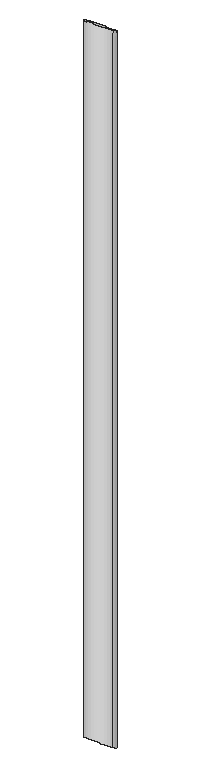
Revit family "Round (3)", category 난간동자, Revit 2026
Family settings
  항상 수직 = 예
  로드될 때 보이드를 사용하여 절단 = 아니오
  공유 = 아니오
Parameters (values of type "30mm")
  built-in parameter 1008623 [instance] = 32.47°
  built-in parameter 1008625 [instance] = (empty or 0)
  Post = no
  Diameter = 30 mm
  built-in parameter 1008624 [instance] = 32.47°
  Material Baluster = Metal - Steel
  built-in parameter 1008622 [instance] = 750 mm
Types (7, lengths in mm): name | Diameter | Material Baluster
  (no name) | 30 | Metal - Steel
  25mm | 25 | none
  20mm | 20 | none
  10mm | 10 | none
  35mm | 35 | none
  40mm | 40 | none
  30mm | 30 | Metal - Steel
Reference planes
  plane 1 "Center (Front/Back)": y = 0
  plane 2: z = 0
  plane 3 "Center (Left/Right)": x = 0
  plane 4 "Top": z = 750
  plane 5 "Top Angle Cut": through (0, 339.699, 533.838) normal (0, -0.5369, -0.8437)
  plane 6: z = 850
  plane 7: x = -15
  plane 8: x = 15
  plane 9: z = -100
  plane 10 "Bottom Angel Cut": through (0, 0, 0) normal (0, -0.5369, -0.8437)
  plane 11: y = 30
  plane 12: x = 30
  plane 13: y = -30
  plane 14: x = -30
Forms (mm)
  Extrusion 1, solid, material "Metal - Steel" <- "Material Baluster"
    sketch origin (0, 0, 0) x (1, 0, 0) y (0, 1, 0)
      loop
        circle (0, 0) r 15
    from -100 to 850
  Extrusion 2, void
    sketch origin (0, 0, 0) x (0, 1, 0) y (0, 0, 1)
      loop
        line (-30, 850) -> (-30, 769.09) -> (30, 730.91) -> (30, 850) -> (-30, 850)
      loop
        line (-30, -100) -> (30, -100) -> (30, -19.09) -> (-30, 19.09) -> (-30, -100)
    from -30 to 30
Cuts and joins
  Extrusion 2 cuts Extrusion 1
Dimensions and locks
  "built-in parameter 1008622": plane 2 to plane 4 "Top"
  locked: plane 4 "Top" to plane 6 at 100
  equal spacing: plane 7, plane 3 "Center (Left/Right)", plane 8
  "Diameter": plane 7 to plane 8
  locked: plane 9 to level at 100
  "Diameter": plane 14 to plane 3 "Center (Left/Right)"
  "Diameter": plane 3 "Center (Left/Right)" to plane 12
  "Diameter": plane 1 "Center (Front/Back)" to plane 11
  "Diameter": plane 13 to plane 1 "Center (Front/Back)"
  "built-in parameter 1008623": angle plane 4 "Top" to plane 5 "Top Angle Cut"
  "built-in parameter 1008624": angle level to plane 10 "Bottom Angel Cut"
  aligned and locked: Extrusion 1 to plane 6
  aligned and locked: plane 9 to Extrusion 1
  aligned and locked: Extrusion 2 to plane 14
  aligned and locked: Extrusion 2 to plane 12
  aligned and locked: plane 6 to Extrusion 2 sketch curve
  aligned and locked: plane 11 to Extrusion 2 sketch curve
  aligned and locked: plane 13 to Extrusion 2 sketch curve  (x2)
  aligned and locked: Extrusion 2 sketch curve to plane 5 "Top Angle Cut"
  aligned and locked: plane 9 to Extrusion 2 sketch curve
  aligned and locked: Extrusion 2 sketch curve to plane 11
  aligned and locked: Extrusion 2 sketch curve to plane 10 "Bottom Angel Cut"
Automatic sketch dimensions
  Extrusion 1 sketch curve to plane 7 = 0 mm
  Extrusion 1 sketch curve to plane 1 "Center (Front/Back)" = 0 mm
  Extrusion 1 sketch curve to plane 3 "Center (Left/Right)" = 0 mm
